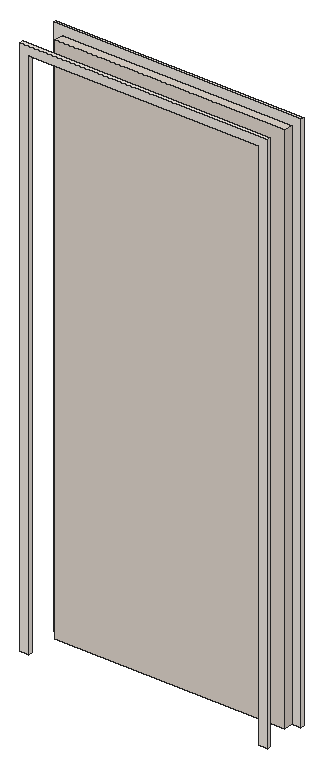
Revit family "Porta_Simples", category Doors, host Wall, Revit 2025
Family settings
  Host = Wall
  OmniClass Number = 23.30.10.00
  OmniClass Title = Doors
  Always vertical = Yes
  Cut with Voids When Loaded = No
  Shared = No
  Room Calculation Point = Yes
Parameters (values of type "POR_090x210_SIM_BOX_CEG_PNE")
  Thickness = 35.00 mm
  Function = Interior
  Door Material = CT_Porta_Folha
  Frame Material = CT_Porta_Marco
  Height = 2100.00 mm
  Trim Projection Ext = 12.50 mm
  Trim Projection Int = 12.50 mm
  Trim Width = 35.00 mm
  Wall Closure = By host
  Width = 900.00 mm
  Define Thermal Properties by = Schematic Type
  Analytic Construction = "<None>"
Types (12, lengths in mm): name | Thickness | Door Material | Frame Material | Trim Projection Ext | Trim Projection Int | Trim Width | Width
  POR_090x210_SIM_BOX_CEG_PNE | 35.00 | CT_Porta_Folha | CT_Porta_Marco | 12.50 | 12.50 | 35.00 | 900.00
  POR_110x210_SIM_INT_CEG | 51.00 | CT_Porta_Folha | CT_Porta_Marco | 12.50 | 12.50 | 35.00 | 1100.00
  POR_030x210_SIM_CEG | 35.00 | Folha Porta | Marco Porta | 10.00 | 10.00 | 30.00 | 300.00
  POR_090x210_SIM_INT_CEG | 35.00 | Folha Porta | Marco Porta | 12.50 | 12.50 | 35.00 | 900.00
  POR_040x210_SIM_CEG | 35.00 | Folha Porta | Marco Porta | 10.00 | 10.00 | 30.00 | 400.00
  POR_200x210_SIM_INT_CEG | 35.00 | Folha Porta | Marco Porta | 12.50 | 12.50 | 35.00 | 2000.00
  POR_150x210_SIM_INT_CEG | 35.00 | Folha Porta | Marco Porta | 12.50 | 12.50 | 35.00 | 1500.00
  POR_100x210_SIM_INT_CEG | 51.00 | CT_Porta_Folha | CT_Porta_Marco | 12.50 | 12.50 | 35.00 | 1000.00
  POR_120x210_SIM_INT_CEG | 35.00 | Folha Porta | Marco Porta | 12.50 | 12.50 | 35.00 | 1200.00
  POR_080x210_SIM_INT_CEG | 35.00 | CT_Porta_Folha | CT_Porta_Marco | 12.50 | 12.50 | 35.00 | 800.00
  POR_060x210_SIM_BOX_CEG | 35.00 | Folha Porta | Marco Porta | 12.50 | 12.50 | 35.00 | 600.00
  POR_070x210_SIM_INT_CEG | 35.00 | Folha Porta | Marco Porta | 12.50 | 12.50 | 35.00 | 700.00
Reference planes
  plane 1: y = 0
  plane 2: z = 0
  plane 3: x = 0
  plane 4: x = -450
  plane 5: x = 450
  plane 6: z = 2100
Forms (mm)
  Extrusion 1, solid, material "CT_Porta_Folha" <- "Door Material"
    sketch origin (0, 0, 0) x (1, 0, 0) y (0, 0, 1)
      loop
        line (-450, 2100) -> (-450, 0) -> (450, 0) -> (450, 2100) -> (-450, 2100)
    from -76.2 to -41.2
  Extrusion 2, solid, material "CT_Porta_Marco" <- "Frame Material"
    sketch origin (-1524, -76.2, 0) x (1, 0, 0) y (0, 0, 1)
      loop
        line (1039, 2135) -> (1039, 0) -> (1074, 0) -> (1074, 2100) -> (1974, 2100) -> (1974, 0) -> (2009, 0) -> (2009, 2135) -> (1039, 2135)
    from 0 to 12.5
  Extrusion 3, solid, material "CT_Porta_Marco" <- "Frame Material"
    sketch origin (-1524, 76.2, 0) x (-1, 0, 0) y (0, 0, 1)
      loop
        line (-2009, 2135) -> (-2009, 0) -> (-1974, 0) -> (-1974, 2100) -> (-1074, 2100) -> (-1074, 0) -> (-1039, 0) -> (-1039, 2135) -> (-2009, 2135)
    from 0 to 12.5
Lines and regions (mm)
  Opening 1
    outline origin (-1524, -76.2, 3657.6) x (0, 0, -1) y (1, 0, 0)
      loop
        line (1557.6, 1074) -> (3657.6, 1074) -> (3657.6, 1974) -> (1557.6, 1974) -> (1557.6, 1074)
  symbolic lines, style "DoorsPanelProjection"
    curve 1: line (450, 76.2, 0) -> (415, 76.2, 0)
    curve 2: line (450, 76.2, 0) -> (450, 977.212, 0)
    curve 3: line (450, 977.212, 0) -> (415, 977.212, 0)
    curve 4: line (415, 76.2, 0) -> (415, 977.212, 0)
  model lines, style "DoorsFrameMullionProjection"
    curve 5: line (-485, -76.2, 0) -> (-485, -76.2, 2135)
    curve 6: line (-485, -76.2, 2135) -> (485, -76.2, 2135)
    curve 7: line (485, -76.2, 2135) -> (485, -76.2, 0)
    curve 8: line (485, 76.2, 0) -> (485, 76.2, 2135)
    curve 9: line (-485, 76.2, 2135) -> (485, 76.2, 2135)
    curve 10: line (-485, 76.2, 2135) -> (-485, 76.2, 0)
  symbolic lines, style "Plan Swing"
    curve 11: arc (415, 977.212, 0) -> (-199.849, 701.295, 0) -> (-451.691, 76.2, 0) r 901.691
Dimensions and locks
  equal spacing: plane 4, plane 3, plane 5
  "Width": plane 4 to plane 5
  locked: host wall to curve 1
  control icon elem to plane 5 = 254.408 mm
  "Height": plane 6 to plane 2
  "Trim Width": plane 4 to curve 5
  "Trim Width": plane 5 to curve 7
  "Trim Width": plane 6 to curve 6
  locked: curve 9 to host wall
  "Trim Projection Ext": Extrusion 3 to host wall
  "Trim Projection Int": Extrusion 2 to host wall
  "Thickness": curve 4 to plane 5
  "Thickness": Extrusion 1 to host wall
  plane 6 to level = 2100.00 mm
  aligned and locked: host wall to Extrusion 1
  aligned and locked: plane 2 to curve 5
  aligned and locked: curve 7 to level
  aligned and locked: curve 8 to curve 7
  aligned and locked: curve 6 to Extrusion 2 sketch curve
  aligned and locked: Extrusion 2 sketch curve to curve 5
  aligned and locked: Extrusion 2 sketch curve to curve 7
  aligned and locked: Extrusion 2 to Extrusion 3 sketch curve
  aligned and locked: Extrusion 3 sketch curve to Extrusion 2  (x2)
Automatic sketch dimensions
  Opening 1 sketch curve to plane 6 = 0.00 mm
  Opening 1 sketch curve to level = 0.00 mm
  Opening 1 sketch curve to plane 4 = 0.00 mm
  Opening 1 sketch curve to plane 5 = 0.00 mm
  Extrusion 1 sketch curve to plane 4 = 0.00 mm
  Extrusion 1 sketch curve to plane 5 = 0.00 mm
  Extrusion 1 sketch curve to level = 0.00 mm
  Extrusion 1 sketch curve to plane 6 = 0.00 mm
  Extrusion 2 sketch curve to level = 0.00 mm  (x2)
  Extrusion 2 sketch curve to plane 4 = 0.00 mm
  Extrusion 2 sketch curve to plane 5 = 0.00 mm
  Extrusion 2 sketch curve to plane 6 = 0.00 mm
  Extrusion 3 sketch curve to level = 0.00 mm  (x2)
  Extrusion 3 sketch curve to plane 5 = 0.00 mm
  Extrusion 3 sketch curve to plane 4 = 0.00 mm
  Extrusion 3 sketch curve to plane 6 = 0.00 mm
  curve 1 to plane 5 = 0.00 mm
  curve 11 to plane 5 = 0.00 mm
  plane 4 to curve 11 = 1.691 mm
  curve 11 to host wall = 0.00 mm
  curve 10 to level = 0.00 mm
  curve 8 to level = 0.00 mm
  curve 9 to curve 5 = 0.00 mm
  curve 10 to curve 5 = 0.00 mm
